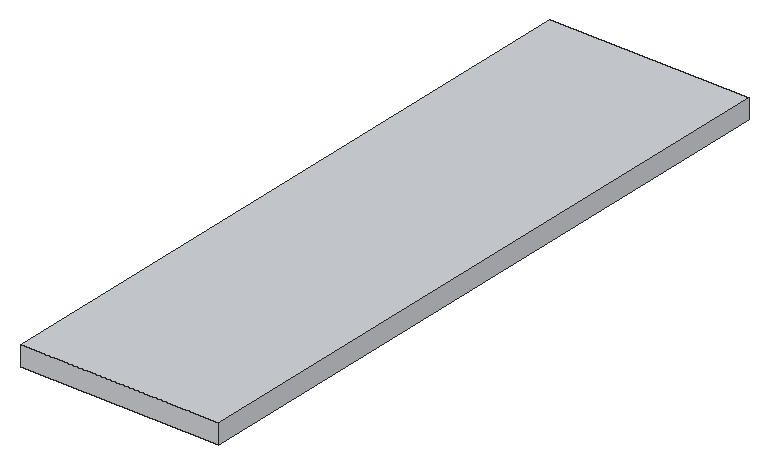
Revit family "Крепление к стене", category Специальное оборудование, Revit 2019
Family settings
  Размер круглого соединителя = Использовать диаметр
  Тип детали = Нормальный
  На основе рабочей плоскости = Нет
  Всегда вертикально = Да
  При загрузке вырезать с полостями = Нет
  Общий = Да
  Точка расчета площади = Нет
Parameters (values of type "60х200 х 6_Горизонтальная")
  Ширина = 60 mm
  Число = 0 mm
  Толщина = 6 mm
  Расчет [instance] = ""
  Позиция для ограждения = 0
  Описание = "ОГ"
  Масса = 15.00 kg
  Марка ограждения [instance] = ""
  Длина = 200 mm
  Горизонтальная = yes
  Вертикальная = not(Горизонтальная)  # no
  ADSK_Примечание [instance] = ""
  ADSK_Позиция [instance] = ""
  ADSK_Обозначение = ""
  ADSK_Номер секции [instance] = ""
  ADSK_Наименование = ""
Types (2, lengths in mm): name | Ширина | Длина | Горизонтальная | Вертикальная
  60х200 х 6_Горизонтальная | 60 | 200 | yes | no
  100 х 100 х 6_вертикальная | 100 | 100 | no | yes
Reference planes
  plane 1 "По центру (Вперед/Назад)": y = 0
  plane 2: z = 0
  plane 3 "По центру (Влево/Вправо)": x = 0
  plane 4: z = 106
  plane 5: z = 200
  plane 6: y = -6
  plane 7: x = -30
  plane 8: x = 30
  plane 9: z = 100
Forms (mm)
  Extrusion 1, solid, visible <- "Горизонтальная"
    sketch origin (0, 0, 0) x (1, 0, 0) y (0, 1, 0)
      loop
        line (-30, 100) -> (-30, -100) -> (30, -100) -> (30, 100) -> (-30, 100)
    from 100 to 106
  Extrusion 2, solid, visible <- "Вертикальная"
    sketch origin (0, 0, 0) x (1, 0, 0) y (0, 0, 1)
      loop
        line (-30, 200) -> (-30, 0) -> (30, 0) -> (30, 200) -> (-30, 200)
    from 0 to 6
Dimensions and locks
  plane 9 to plane 4 = 6 mm
  equal spacing: Extrusion 1 sketch curve, plane 1 "По центру (Вперед/Назад)", Extrusion 1 sketch curve
  equal spacing: Extrusion 1 sketch curve, plane 3 "По центру (Влево/Вправо)", Extrusion 1 sketch curve
  plane 1 "По центру (Вперед/Назад)" to Extrusion 1 sketch curve = 100 mm
  plane 3 "По центру (Влево/Вправо)" to Extrusion 1 sketch curve = 30 mm
  "Ширина": Extrusion 1 to Extrusion 1
  "Длина": Extrusion 1 to Extrusion 1
  "Толщина": plane 6 to plane 1 "По центру (Вперед/Назад)"
  "Ширина": plane 8 to plane 7
  equal spacing: plane 8, plane 3 "По центру (Влево/Вправо)", plane 7
  "Длина": plane 5 to plane 2
  equal spacing: plane 5, plane 9, plane 2
  "Толщина": plane 4 to plane 9
  aligned and locked: level to plane 2
  aligned and locked: Extrusion 2 to plane 2
  aligned and locked: plane 5 to Extrusion 2  (x2)
  aligned and locked: Extrusion 2 to plane 6
  aligned and locked: Extrusion 2 to plane 1 "По центру (Вперед/Назад)"
  aligned and locked: Extrusion 2 to plane 7
  aligned and locked: plane 8 to Extrusion 2
  aligned and locked: Extrusion 1 to plane 9
  aligned and locked: plane 4 to Extrusion 1
  aligned and locked: plane 9 to Extrusion 1  (x2)
  aligned and locked: plane 8 to Extrusion 1  (x3)
  aligned and locked: Extrusion 1 to plane 7  (x2)
  aligned and locked: Extrusion 1 to plane 4
  aligned and locked: plane 7 to Extrusion 1
Automatic sketch dimensions
  Extrusion 2 sketch curve to plane 4 = 106 mm
  Extrusion 2 sketch curve to plane 3 "По центру (Влево/Вправо)" = 30 mm
  plane 3 "По центру (Влево/Вправо)" to Extrusion 2 sketch curve = 30 mm
  Extrusion 2 sketch curve to Extrusion 2 sketch curve = 200 mm
